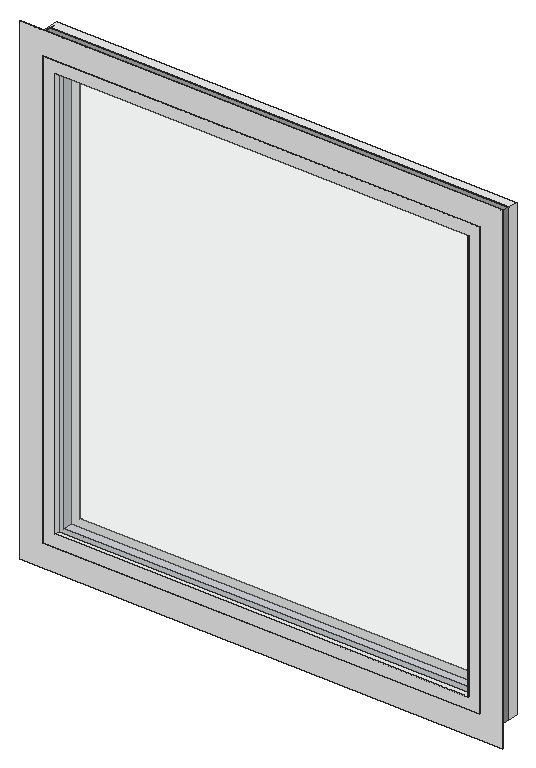
Revit family "Edge_TB42_C_Top_Hung_Standard", category Windows, host Wall, Revit 2014
Parameters (values of type "Casement_Sash_DG")
  Width Sash [instance] = 30 mm
  Width Sash Inner = 15 mm
  Width Bead = 15 mm
  Top Hung [instance] = yes
  Thermal Break Material = Rubber, Black
  Thermal Break Length = 16 mm
  Side Hung Right [instance] = yes
  Side Hung Left [instance] = yes
  Sash Opening Width [instance] = 600 mm
  Sash Opening Height [instance] = 600 mm
  Sash Lip = 15 mm
  Sash Leg [instance] = (Depth Sash - Thermal Break Length) / 2  # 13 mm
  SG Bead Leg = 6.683 mm
  Glazing Material [instance] = Glass
  Glazing Offset = 5 mm
  DG Start Piece 2 [instance] = DG End Piece 1 + DG Gasket Thickness  # 24.158 mm
  DG Start Peice 1 [instance] = ((Depth Sash - (2 * DG Glazing Thickness) - DG Gasket Thickness) / 2) - (SG Bead Leg - Aluminium Thickness) / 2  # 5.758 mm
  DG Glazing Thickness [instance] = 6.4 mm
  DG Gasket Thickness = 12 mm  # constant formula
  DG Gasket Material [instance] = none
  Depth Sash [instance] = 42 mm
  DG End Piece 2 [instance] = DG Start Piece 2 + DG Glazing Thickness  # 30.558 mm
  DG End Piece 1 [instance] = DG Start Peice 1 + DG Glazing Thickness  # 12.158 mm
  Center Vertical Sash [instance] = Sash Opening Height / 2  # 300 mm
  Center Horizontal Sash [instance] = Sash Opening Width / 2  # 300 mm
  Bottom Hung [instance] = yes
  Bead Offset = 15 mm
  Aluminium Thickness = 1 mm
  Aluminium Material [instance] = White Powder Coated Aluminium
Reference planes
  plane 1 "Center (Front/Back)": y = 0
  plane 2: z = 0
  plane 3 "Center (Left/Right)": x = 0
Forms (mm)
  Sweep 1, solid, material "White Powder Coated Aluminium" <- "Aluminium Material"
    path origin (16.177, 0, 121.331) x (1, 0, 0) y (0, 0, 1)
      loop
        line (0, 0) -> (600, 0) -> (600, 600) -> (0, 600) -> (0, 0)
    profile origin (316.177, 0, 121.331) x (0, 0, 1) y (0, -1, 0)
      loop
        line (0, 0) -> (30, 0) -> (30, 1) -> (15, 1) -> (15, 13) -> (14, 13) -> (14, 1) -> (1, 1) -> (1, 13) -> (0, 13) -> (0, 0)
      loop
        line (15, 42) -> (-15, 42) -> (-15, 41) -> (0, 41) -> (0, 29) -> (1, 29) -> (1, 41) -> (14, 41) -> (14, 29) -> (15, 29) -> (15, 42)
  Sweep 2, solid, material "White Powder Coated Aluminium" <- "Aluminium Material"
    path origin (0, 0, 0) x (1, 0, 0) y (0, 0, 1)
      loop
        line (31.177, 706.331) -> (31.177, 136.331) -> (601.177, 136.331) -> (601.177, 706.331) -> (31.177, 706.331)
    profile origin (316.177, 0, 706.331) x (0, 0, 1) y (0, -1, 0)
      loop
        line (0, 41) -> (0, 42) -> (-15, 42) -> (-15, 35.317) -> (-14, 35.317) -> (-14, 41) -> (0, 41)
  Extrusion 3, solid, material "Glass" <- "Glazing Material"
    sketch origin (0, 0, 0) x (1, 0, 0) y (0, 0, 1)
      loop
        line (36.177, 701.331) -> (36.177, 141.331) -> (596.177, 141.331) -> (596.177, 701.331) -> (36.177, 701.331)
    from 5.758 <- "DG Start Peice 1" to 12.158 <- "DG End Piece 1"
  Extrusion 4, solid, material "Glass" <- "Glazing Material"
    sketch origin (0, 0, 0) x (1, 0, 0) y (0, 0, 1)
      loop
        line (36.177, 701.331) -> (36.177, 141.331) -> (596.177, 141.331) -> (596.177, 701.331) -> (36.177, 701.331)
    from 30.558 <- "DG End Piece 2" to 24.158 <- "DG Start Piece 2"
  Sweep 5, solid, material <- "DG Gasket Material"
    path origin (0, -12.158, 0) x (1, 0, 0) y (0, 0, 1)
      loop
        line (36.177, 701.331) -> (36.177, 141.331) -> (596.177, 141.331) -> (596.177, 701.331) -> (36.177, 701.331)
    profile origin (316.177, -12.158, 701.331) x (0, 0, 1) y (0, -1, 0)
      loop
        line (0, 0) -> (0, 12) -> (-7.96, 12) -> (-7.96, 0) -> (0, 0)
  Sweep 6, solid, material "Rubber, Black" <- "Thermal Break Material"
    path origin (16.177, -13, 121.331) x (1, 0, 0) y (0, 0, 1)
      loop
        line (-15, 615) -> (-15, -15) -> (615, -15) -> (615, 615) -> (-15, 615)
    profile origin (316.177, -13, 736.331) x (0, 0, 1) y (0, -1, 0)
      loop
        line (-15, 16) -> (-16, 16) -> (-16, 0) -> (-15, 0) -> (-15, 16)
      loop
        line (-29, 16) -> (-30, 16) -> (-30, 0) -> (-29, 0) -> (-29, 16)
Lines and regions (mm)
  model lines
    curve 1: line (1.177, -42, 736.331) -> (31.177, -42, 706.331)
    curve 2: line (601.177, -42, 706.331) -> (631.177, -42, 736.331)
    curve 3: line (601.177, -42, 136.331) -> (631.177, -42, 106.331)
    curve 4: line (1.177, -42, 106.331) -> (31.177, -42, 136.331)
    curve 5: line (631.177, -41, 736.331) -> (616.177, -41, 721.331)
    curve 6: line (1.177, -41, 736.331) -> (16.177, -41, 721.331)
    curve 7: line (1.177, -41, 106.331) -> (16.177, -41, 121.331)
    curve 8: line (631.177, -41, 106.331) -> (616.177, -41, 121.331)
    curve 9: line (616.177, 0, 121.331) -> (586.177, 0, 151.331)
    curve 10: line (46.177, 0, 151.331) -> (16.177, 0, 121.331)
    curve 11: line (616.177, 0, 721.331) -> (586.177, 0, 691.331)
    curve 12: line (46.177, 0, 691.331) -> (16.177, 0, 721.331)
    curve 13: line (31.177, -42, 691.331) -> (46.177, -42, 691.331)
    curve 14: line (586.177, -42, 691.331) -> (601.177, -42, 691.331)
    curve 15: line (586.177, -42, 151.331) -> (601.177, -42, 151.331)
    curve 16: line (31.177, -42, 151.331) -> (46.177, -42, 151.331)
  model lines, style "GenericModelHiddenLines", visible <- "Top Hung"
    curve 17: line (46.386, -30.558, 690.602) -> (316.177, -30.558, 151.331)
    curve 18: line (316.177, -30.558, 151.331) -> (586.177, -30.558, 691.018)
  model lines, style "GenericModelHiddenLines", visible <- "Bottom Hung"
    curve 19: line (46.177, -30.558, 151.331) -> (316.177, -30.558, 691.018)
    curve 20: line (316.177, -30.558, 691.018) -> (586.177, -30.558, 151.331)
  model lines, style "GenericModelHiddenLines", visible <- "Side Hung Left"
    curve 21: line (46.386, -30.558, 690.602) -> (585.24, -30.558, 421.331)
    curve 22: line (585.24, -30.558, 421.331) -> (46.177, -30.558, 151.331)
  model lines, style "GenericModelHiddenLines", visible <- "Side Hung Right"
    curve 23: line (586.177, -30.558, 691.018) -> (46.177, -30.558, 421.331)
    curve 24: line (46.177, -30.558, 421.331) -> (586.177, -30.558, 151.331)
Dimensions and locks
  "Aluminium Thickness": Sweep 1 sketch curve to Sweep 1 sketch curve  (x6)
  "Depth Sash": Sweep 1 sketch curve to Sweep 1 sketch curve
  "Sash Opening Width": Sweep 1 to Sweep 1
  "Sash Opening Height": Sweep 1 to Sweep 1
  "Width Sash": Sweep 1 sketch curve to Sweep 1 sketch curve  (x2)
  "Width Sash Inner": Sweep 1 sketch curve to Sweep 1 sketch curve
  "Sash Lip": Sweep 1 sketch curve to Sweep 1 sketch curve
  "Glazing Offset": Sweep 2 to Extrusion 3 sketch curve  (x3)
  "Glazing Offset": Extrusion 3 sketch curve to Sweep 2
  Sweep 1 to Sweep 1 = 1 mm
  "Width Bead": Sweep 2 sketch curve to Sweep 2 sketch curve
  locked: Sweep 5 sketch curve to Sweep 5 sketch curve at 7.96
  "Center Horizontal Sash": Sweep 1 to curve 18
  "Center Horizontal Sash": Sweep 1 to curve 20
  "Center Vertical Sash": Sweep 1 to curve 22
  "Center Vertical Sash": Sweep 1 to curve 24
  "Sash Leg": Sweep 1 sketch curve to Sweep 1 sketch curve
  "Aluminium Thickness": Sweep 2 sketch curve to Sweep 2 sketch curve  (x2)
  "SG Bead Leg": Sweep 2 sketch curve to Sweep 2 sketch curve
  aligned and locked: level to plane 2
  aligned and locked: Sweep 1 sketch curve to Sweep 1 sketch curve  (x3)
  aligned and locked: Sweep 2 sketch curve to Sweep 1  (x4)
  aligned and locked: Sweep 1 to Sweep 2 sketch curve  (x2)
  aligned and locked: Extrusion 4 sketch curve to Extrusion 3  (x4)
  aligned and locked: Sweep 5 sketch curve to Extrusion 3  (x5)
  aligned and locked: Extrusion 3 to Sweep 5 sketch curve
  aligned and locked: Sweep 6 sketch curve to Sweep 1  (x10)
  aligned and locked: Sweep 1 to Sweep 6 sketch curve  (x2)
Automatic sketch dimensions
  plane 3 "Center (Left/Right)" to Sweep 1 sketch curve = 16.177 mm
  level to Sweep 1 sketch curve = 121.331 mm
  plane 3 "Center (Left/Right)" to Sweep 1 sketch curve = 616.177 mm
  level to Sweep 1 sketch curve = 721.331 mm
  profile plane to Sweep 5 sketch curve = 12 mm
  curve 7 to Sweep 1 = 0 mm  (x4)
  curve 6 to Sweep 1 = 0 mm  (x3)
  Sweep 1 to curve 6 = 0 mm
  curve 5 to Sweep 1 = 0 mm  (x3)
  curve 8 to Sweep 1 = 0 mm  (x4)
  Sweep 1 to curve 5 = 0 mm
  curve 16 to Sweep 2 = 0 mm  (x3)
  curve 13 to Sweep 2 = 0 mm  (x3)
  curve 15 to Sweep 2 = 0 mm
  Sweep 2 to curve 15 = 0 mm  (x2)
  curve 14 to Sweep 2 = 0 mm  (x2)
  Sweep 2 to curve 14 = 0 mm
  curve 1 to Sweep 1 = 0 mm  (x4)
  curve 4 to Sweep 1 = 0 mm  (x4)
  curve 2 to Sweep 1 = 0 mm  (x4)
  curve 3 to Sweep 1 = 0 mm  (x2)
  Sweep 1 to curve 3 = 0 mm  (x2)
  curve 10 to Sweep 1 = 0 mm  (x4)
  curve 12 to Sweep 1 = 0 mm  (x2)
  Sweep 1 to curve 12 = 0 mm  (x2)
  curve 11 to Sweep 1 = 0 mm  (x4)
  curve 9 to Sweep 1 = 0 mm  (x4)
  profile plane to Sweep 1 sketch curve = 0 mm  (x2)
  Sweep 1 sketch curve to plane 1 "Center (Front/Back)" = 0 mm
  Sweep 1 sketch curve to Sweep 1 sketch curve = 13 mm
  Sweep 1 sketch curve to Sweep 1 sketch curve = 12 mm  (x2)
  curve 21 to Extrusion 4 = 10.208 mm
  curve 19 to Extrusion 4 = 10 mm
  curve 23 to Extrusion 4 = 10 mm  (x2)
  curve 22 to Extrusion 4 = 10.937 mm
  curve 20 to Extrusion 4 = 10 mm
  curve 24 to Extrusion 4 = 10 mm
  curve 22 to Extrusion 4 = 10 mm
  curve 18 to Extrusion 4 = 10 mm
  curve 21 to Extrusion 4 = 10.729 mm
  curve 19 to Extrusion 4 = 10.312 mm
  curve 18 to Extrusion 4 = 10.312 mm
Types in the file's own list only (6): name | Windload Design | Width Sash Right Opening | Width Sash Right | Width Sash Left Opening | Width Sash Left | Width Profile | Width Fixed Panel Center | Width | URL | Offset Window Exterior | Offset Mullion Right Side | Max System DG Unit Thickness | Max System DG One Piece Thickness | Max Pane Area | Limit Fixed Pane Width Max | Intruderprufe U Value | Intruderprufe SHGC Value | Intruderprufe LowE U Value | Intruderprufe LowE SHGC Value | Intruderprufe Insulated U Value | Intruderprufe Insulated SHGC Value | Intruderprufe Insulated LowE U Value | Intruderprufe Insulated LowE SHGC Value | Height Sash Opening | Height | Has Stiffener Cap | Energy Advantage U Value | Energy Advantage SHGC Value | DG Thickness Calc | Custom Window Width | Custom Window Height | Window Exterior Offset | Custom Windload | Custom Sash Right Width | Custom Sash Left Width | Sash Height | Sash Spacing Inner | Sash Overlap | Sash Center Offset | SG Gasket Thickness | Offset Sash Side | Offset Sash Top | Offset Fixed Panel Left | Offset Mullion Left Side | Offset Bead Center Reversed | Model | Manufacturer | Limit Window Width Min | Limit Window Width Max | Limit Window Height Min | Limit Window Height Max | Limit Sash Width Min | Limit Sash Width Max | Limit Sash Height Min | Limit Sash Height Max | Limit Fixed Pane Width Min | Length Mullion | Height Sash | Height Fixed Panel Center | Description | Depth Mullion | Frame Center Offset | Depth Bead | Default Sill Height | Wall Closure | DG Gasket Finish | DG Extrusion Start | Mullion Depth Windload Based | Clearvue U Value | Clearvue SHGC Value | Clearvue Insulated U Value | Clearvue Insulated SHGC Value | Clearvue Insulated LowE U Value | Clearvue Insulated LowE SHGC Value | Casement Dimension | Bottom Hung | Bead SG Gap | Area Pane Right | Area Pane Middle | Area Pane Left
  EDGE-1806TT-1000Pa | 1000 mm | 524 mm | 554 mm | 524 mm | 554 mm | 30 mm | 590 mm | 1790 mm | "http://www.crealco.co.za/crealco-products.php" | 21 mm | 570 mm | 25 mm | 6 mm | 0.30 m² | 1500 mm | 5.13 | 0.473 | 4.01 | 0.427 | 3.12 | 0.423 | 2.68 | 0.381 | 544 mm | 590 mm | No | 4 | 0.457 | 4 mm | 1790 mm | 590 mm | 0 mm | 1000 mm | 554 mm | 554 mm | 545 mm | 8 mm | 7 mm | 18 mm | 6 mm | 23 mm | 23 mm | 600 mm | 570 mm | 21 mm | "Edge" | "Crealco" | 1400 mm | 2700 mm | 346 mm | 1246 mm | 300 mm | 1500 mm | 300 mm | 1200 mm | 200 mm | 590 mm | 514 mm | 530 mm | "Thermal break casement windows (42mm), Type C top hung" | 43 mm | 21 mm | 28 mm | 800 mm | By host | Double Glazing Gasket Material | 11 mm | 0 mm | 5.22 | 0.509 | 3.15 | 0.462 | 2.72 | 0.421 | 42 mm | No | 13 mm | 0.22 m² | 0.30 m² | 0.22 m²
  EDGE-2406TT-1000Pa | 1000 mm | 524 mm | 554 mm | 524 mm | 554 mm | 30 mm | 1190 mm | 2390 mm | "http://www.crealco.co.za/crealco-products.php" | 21 mm | 570 mm | 25 mm | 6 mm | 0.61 m² | 1500 mm | 5.24 | 0.521 | 3.97 | 0.468 | 3.05 | 0.464 | 2.57 | 0.419 | 544 mm | 590 mm | No | 3.97 | 0.501 | 4 mm | 2390 mm | 590 mm | 0 mm | 1000 mm | 554 mm | 554 mm | 545 mm | 8 mm | 7 mm | 18 mm | 6 mm | 23 mm | 23 mm | 600 mm | 570 mm | 21 mm | "Edge" | "Crealco" | 1400 mm | 2700 mm | 346 mm | 1246 mm | 300 mm | 1500 mm | 300 mm | 1200 mm | 200 mm | 590 mm | 514 mm | 530 mm | "Thermal break casement windows (42mm), Type C top hung" | 43 mm | 21 mm | 28 mm | 800 mm | By host | Double Glazing Gasket Material | 11 mm | 0 mm | 5.33 | 0.56 | 3.09 | 0.506 | 2.61 | 0.461 | 42 mm | No | 13 mm | 0.22 m² | 0.61 m² | 0.22 m²
  EDGE-1806TT-1500Pa | 1500 mm | 524 mm | 554 mm | 524 mm | 554 mm | 30 mm | 590 mm | 1790 mm | "http://www.crealco.co.za/crealco-products.php" | 21 mm | 570 mm | 25 mm | 6 mm | 0.30 m² | 1500 mm | 5.13 | 0.473 | 4.01 | 0.427 | 3.12 | 0.423 | 2.68 | 0.381 | 544 mm | 590 mm | No | 4 | 0.457 | 4 mm | 1790 mm | 590 mm | 0 mm | 1500 mm | 554 mm | 554 mm | 545 mm | 8 mm | 7 mm | 18 mm | 6 mm | 23 mm | 23 mm | 600 mm | 570 mm | 21 mm | "Edge" | "Crealco" | 1400 mm | 2700 mm | 346 mm | 1246 mm | 300 mm | 1500 mm | 300 mm | 1200 mm | 200 mm | 590 mm | 514 mm | 530 mm | "Thermal break casement windows (42mm), Type C top hung" | 43 mm | 21 mm | 28 mm | 800 mm | By host | Double Glazing Gasket Material | 11 mm | 0 mm | 5.22 | 0.509 | 3.15 | 0.462 | 2.72 | 0.421 | 42 mm | No | 13 mm | 0.22 m² | 0.30 m² | 0.22 m²
  EDGE-1806TT-2000Pa | 2000 mm | 524 mm | 554 mm | 524 mm | 554 mm | 30 mm | 590 mm | 1790 mm | "http://www.crealco.co.za/crealco-products.php" | 21 mm | 570 mm | 25 mm | 6 mm | 0.30 m² | 1500 mm | 5.13 | 0.473 | 4.01 | 0.427 | 3.12 | 0.423 | 2.68 | 0.381 | 544 mm | 590 mm | No | 4 | 0.457 | 4 mm | 1790 mm | 590 mm | 0 mm | 2000 mm | 554 mm | 554 mm | 545 mm | 8 mm | 7 mm | 18 mm | 6 mm | 23 mm | 23 mm | 600 mm | 570 mm | 21 mm | "Edge" | "Crealco" | 1400 mm | 2700 mm | 346 mm | 1246 mm | 300 mm | 1500 mm | 300 mm | 1200 mm | 200 mm | 590 mm | 514 mm | 530 mm | "Thermal break casement windows (42mm), Type C top hung" | 43 mm | 21 mm | 28 mm | 800 mm | By host | Double Glazing Gasket Material | 11 mm | 0 mm | 5.22 | 0.509 | 3.15 | 0.462 | 2.72 | 0.421 | 42 mm | No | 13 mm | 0.22 m² | 0.30 m² | 0.22 m²
  EDGE-2406TT-1500Pa | 1500 mm | 524 mm | 554 mm | 524 mm | 554 mm | 30 mm | 1190 mm | 2390 mm | "http://www.crealco.co.za/crealco-products.php" | 21 mm | 570 mm | 25 mm | 6 mm | 0.61 m² | 1500 mm | 5.24 | 0.521 | 3.97 | 0.468 | 3.05 | 0.464 | 2.57 | 0.419 | 544 mm | 590 mm | No | 3.97 | 0.501 | 4 mm | 2390 mm | 590 mm | 0 mm | 1500 mm | 554 mm | 554 mm | 545 mm | 8 mm | 7 mm | 18 mm | 6 mm | 23 mm | 23 mm | 600 mm | 570 mm | 21 mm | "Edge" | "Crealco" | 1400 mm | 2700 mm | 346 mm | 1246 mm | 300 mm | 1500 mm | 300 mm | 1200 mm | 200 mm | 590 mm | 514 mm | 530 mm | "Thermal break casement windows (42mm), Type C top hung" | 43 mm | 21 mm | 28 mm | 800 mm | By host | Double Glazing Gasket Material | 11 mm | 0 mm | 5.33 | 0.56 | 3.09 | 0.506 | 2.61 | 0.461 | 42 mm | No | 13 mm | 0.22 m² | 0.61 m² | 0.22 m²
  EDGE-2406TT-2000Pa | 2000 mm | 524 mm | 554 mm | 524 mm | 554 mm | 30 mm | 1190 mm | 2390 mm | "http://www.crealco.co.za/crealco-products.php" | 21 mm | 570 mm | 25 mm | 6 mm | 0.61 m² | 1500 mm | 5.24 | 0.521 | 3.97 | 0.468 | 3.05 | 0.464 | 2.57 | 0.419 | 544 mm | 590 mm | No | 3.97 | 0.501 | 4 mm | 2390 mm | 590 mm | 0 mm | 2000 mm | 554 mm | 554 mm | 545 mm | 8 mm | 7 mm | 18 mm | 6 mm | 23 mm | 23 mm | 600 mm | 570 mm | 21 mm | "Edge" | "Crealco" | 1400 mm | 2700 mm | 346 mm | 1246 mm | 300 mm | 1500 mm | 300 mm | 1200 mm | 200 mm | 590 mm | 514 mm | 530 mm | "Thermal break casement windows (42mm), Type C top hung" | 43 mm | 21 mm | 28 mm | 800 mm | By host | Double Glazing Gasket Material | 11 mm | 0 mm | 5.33 | 0.56 | 3.09 | 0.506 | 2.61 | 0.461 | 42 mm | No | 13 mm | 0.22 m² | 0.61 m² | 0.22 m²
